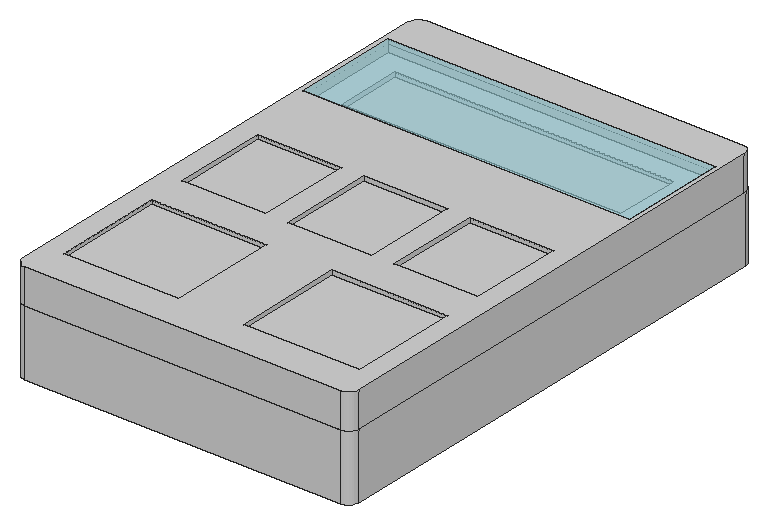
Revit family "Building-QuadriIEC309-GEWISS-68QDIN-QUADRI-PRESE-10MOD_5PRESE", category Apparecchi elettrici, host Superficie, Revit 2019
Family settings
  Host = Superficie
  Mantenere orientamento annotazione = Sì
  Quota connettore circolare = Usa diametro
  Tipo di parte = Normale
  Taglio con vuoti quando caricato = No
  Condiviso = No
  Punto di calcolo locali = Sì
Parameters (values of type "GW68027N - Q-DIN 10M 3PR.50x50 2 PR.16/32A IP65")
  visibilita posizionamento 2d [instance] = yes
  simbolo 2d [instance] = yes
  oggetto in pianta [instance] = not(visibilita posizionamento 2d)  # no
  distanza_simbolo [instance] = 0.1 mm
  bordo acceso [instance] = yes
  Visibilità sportello [instance] = yes
  Versione file RFA = "21.5"
  VETRO = Vetro
  URL = "https://www.gewiss.com/it/it"
  Tipologia di installazione = "Da parete"
  Tipo versione = "Vuoto"
  Termopressione con biglia = "70 °C"
  Spostamento_effettivo_S [instance] = 4000 mm - Spostamento_S  # 3000 mm
  Spostamento_S = 1000 mm
  Simbolo_quadro [instance] = not(simbolo 2d)  # no
  Scheda Tecnica = "https://www.gewiss.com/it/it/search?q=GW68027N"
  STRUTTURA ALTA = Poche
  STRUTTURA = RAL - 7035
  SEO = "Quadretto"
  Resistenza agli urti = "IK08"
  Default Elevation = 1219.2 mm
  Produttore = "GEWISS S.p.A."
  Potenza dissipabile B (W) = "42"
  Potenza dissipabile A (W) = "16"
  PRESA = rosso
  POMELLO = bianco
  N. prese alloggiabili = "3 prese civ.50x50 mm + 2 IEC 16/32 A"
  N. mod. EN 50022 = "10"
  N. coperchi ciechi in dotazione = "1 civile + 1 IEC 16 A"
  Modello = "GW68027N"
  Immagine tipo = GW68027N.jpg
  IDT = "e98e3194ef624e34ab5d6b273797aa67"
  IDF = "5d1739d9-32db-4e5e-8a88-e50a9aea5f35"
  Grado di protezione = "IP65"
  Glow Wire Test = "650°C"
  Descrizione = "Q-DIN 10M 3PR.50x50 2 PR.16/32A IP65"
  Creato da GEWISS S.p.A. = ""
  ConformitÃ  normativa = "EN 62208"
  Colore = "Grigio RAL 7035"
  Codice Electrocod = "2242"
  Classe isolamento = "II"
  Catalogo = "BUILDING"
  COBie.Tagnumber = ""
  COBie.CreatedOn = ""
  COBie.CreatebBy = ""
  COBie.ComponentRegisterItemID = ""
  COBie.Component.TagNumber = ""
  COBie.Component.Space = ""
  COBie.Component.SerialNumber = ""
  COBie.Component.InstallationDate = ""
  COBie.Component.Description = ""
  COBie.Component.BarCode = ""
Reference planes
  plane 1 "Centro (Fronte/Retro)": y = 0
  plane 2: z = 0
  plane 3 "Centro (Sinistra/Destra)": x = 0
  plane 4: x = -3000
  plane 5: x = 0
Forms (mm)
  Extrusion 1, solid, detail levels coarse
    sketch origin (0, 0, 0) x (1, 0, 0) y (0, 1, 0)
      loop
        line (-160, 0) -> (160, 0) -> (160, 478) -> (-160, 478) -> (-160, 0)
    from 0 to 96
Lines and regions (mm)
  Masking region 1, visible <- "visibilita posizionamento 2d"
    outline origin (0, 0, 0) x (1, 0, 0) y (0, 0, 1)
      loop
        line (-160, 0) -> (160, 0) -> (160, 96) -> (-160, 96) -> (-160, 0)
Dimensions and locks
  plane 4 to plane 3 "Centro (Sinistra/Destra)" = 3000 mm
  "Spostamento_effettivo_S": plane 4 to plane 5
  aligned and locked: plane 2 to host face
  aligned and locked: level to host face
  aligned and locked: nested 1 to plane 5
  aligned and locked: nested 3 to plane 5
  aligned and locked: nested 2 to plane 5
  aligned and locked: Extrusion 1 to nested 2
Automatic sketch dimensions
  host sketch curve to host sketch curve = 2438.4 mm  (x2)
  Masking region 1 sketch curve to level = 0 mm
  Masking region 1 sketch curve to plane 3 "Centro (Sinistra/Destra)" = 160 mm
  plane 3 "Centro (Sinistra/Destra)" to Masking region 1 sketch curve = 160 mm
  Masking region 1 sketch curve to Masking region 1 sketch curve = 96 mm
  plane 1 "Centro (Fronte/Retro)" to Extrusion 1 sketch curve = 0 mm
  Extrusion 1 sketch curve to plane 3 "Centro (Sinistra/Destra)" = 160 mm
  Extrusion 1 sketch curve to Extrusion 1 sketch curve = 320 mm
  Extrusion 1 sketch curve to plane 1 "Centro (Fronte/Retro)" = 478 mm
Nested families
  nested 1: "CENTRALINO" at (0, 737.795, 0), BORDO ACCESO <- "bordo acceso", SIMBOLO ACCESO <- "simbolo 2d", Distanza dal muro <- "distanza_simbolo", visible <- "simbolo 2d", type "CENTRALINO"
    with SIMBOLO ACCESO yes, Distanza dal muro 0.1 mm, BORDO ACCESO yes
  nested 2: "base_68QDIN10 QUADRO DISTRIBUZ X 5 PRESE IND" at (0, 316, 0), Visibilita sportello <- "Visibilità sportello", type "base_68QDIN10 QUADRO DISTRIBUZ X 5 PRESE IND", detail levels medium+fine
  nested 3: "simb_CENTRALINO_BASE_cad pro" at (0, 737.795, 0), Distanza dal muro <- "distanza_simbolo", visible <- "Simbolo_quadro", SIMBOLO ACCESO <- "Simbolo_quadro", type "simb_CENTRALINO_BASE_cad pro"
    with SIMBOLO ACCESO no, Distanza dal muro 0.1 mm, BORDO ACCESO yes
Definition of nested family "base_68QDIN10 QUADRO DISTRIBUZ X 5 PRESE IND"
  Parameters (values of type "base_68QDIN10 QUADRO DISTRIBUZ X 5 PRESE IND")
    n_moduli = 266 mm
    h_moduli = 64 mm
    Visibilita sportello [instance] = yes
    Vetro = none
    Struttura = none
    Spessore = 96 mm
    Default Elevation = 14 mm
    Presa = none
    Larghezza = 320 mm
    IFC.TypeObject = ""
    IFC.ExportType = ""
    IFC.ExportAs = ""
    H_da terra = 589.057 mm
    COBie.CreatedOn = ""
    COBie.CreatebBy = ""
    COBie.ComponentRegisterItemID = ""
    COBie.Component.TagNumber = ""
    COBie.Component.Space = ""
    COBie.Component.SerialNumber = ""
    COBie.Component.InstallationDate = ""
    COBie.Component.Description = ""
    COBie.Component.BarCode = ""
    Altezza scatole = 350 mm
    Altezza quadro = 150 mm
    Altezza = 258 mm
  Reference planes
    plane 1 "Centro (Fronte/Retro)": y = 0
    plane 2: z = 0
    plane 3 "Centro (Sinistra/Destra)": x = 0
    plane 4: z = 69.589
    plane 5: z = 115.626
    plane 6: z = 63
    plane 7: x = -160
    plane 8: x = 160
    plane 9: x = -156
    plane 10: x = 156
    plane 11: y = 123.21
    plane 12: y = 21.246
    plane 13: y = 0
    plane 14: y = -141
    plane 15: y = -51
    plane 16: y = -316
    plane 17: y = 162
    plane 18: z = 58
    plane 19: y = 103
    plane 20: y = 39
    plane 21: x = -133
    plane 22: x = 133
    plane 23: z = 92.059
    plane 24: z = 96
    plane 25 "posizionamento moduli": z = 84.734
    plane 26: z = 80.558
    plane 27: y = 71
    plane 28: x = -141
    plane 29: x = 158.1
    plane 30: x = -61
    plane 31: x = -40
    plane 32: x = 40
    plane 33: x = 61
    plane 34: x = 141
    plane 35: y = -177
  Forms (mm)
    Extrusion 1, solid, material <- "Struttura"
      sketch origin (0, -857.311, 0) x (1, 0, 0) y (0, 1, 0)
        loop
          arc (-150, 1019.311) -> (-157.071, 1016.382) -> (-160, 1009.311) r 10
          line (-160, 1009.311) -> (-160, 551.311)
          arc (-160, 551.311) -> (-157.071, 544.24) -> (-150, 541.311) r 10
          line (-150, 541.311) -> (150, 541.311)
          arc (150, 541.311) -> (157.071, 544.24) -> (160, 551.311) r 10
          line (160, 551.311) -> (160, 1009.311)
          arc (160, 1009.311) -> (157.071, 1016.382) -> (150, 1019.311) r 10
          line (150, 1019.311) -> (-150, 1019.311)
      from 63 to 96
    Extrusion 2, solid, material <- "Struttura"
      sketch origin (0, -857.311, 0) x (1, 0, 0) y (0, 1, 0)
        loop
          line (152.45, 1019.311) -> (-156.38, 1019.311)
          arc (-156.38, 1019.311) -> (-158.94, 1018.251) -> (-160, 1015.691) r 3.62
          line (-160, 1015.691) -> (-160, 551.311)
          arc (-160, 551.311) -> (-157.071, 544.24) -> (-150, 541.311) r 10
          line (-150, 541.311) -> (150, 541.311)
          arc (150, 541.311) -> (157.071, 544.24) -> (160, 551.311) r 10
          line (160, 551.311) -> (160, 1011.76)
          arc (160, 1011.76) -> (157.789, 1017.099) -> (152.45, 1019.311) r 7.55
      from 0 to 63
    Extrusion 3, void
      sketch origin (0, -857.311, 0) x (1, 0, 0) y (0, 1, 0)
        loop
          line (-156, 980.52) -> (-156, 878.557) -> (156, 878.557) -> (156, 980.52) -> (-156, 980.52)
      from 69.589 to 96
    Extrusion 4, solid, material <- "Vetro", visible <- "Visibilita sportello", detail levels fine
      sketch origin (0, -857.311, 0) x (1, 0, 0) y (0, 1, 0)
        loop
          line (-156, 980.52) -> (-156, 878.557) -> (156, 878.557) -> (156, 980.52) -> (-156, 980.52)
      from 92.059 to 96
    Extrusion 5, void
      sketch origin (0, 0, 0) x (1, 0, 0) y (0, 1, 0)
        loop
          line (-133, 39) -> (133, 39) -> (133, 103) -> (-133, 103) -> (-133, 39)
      from 80.558 to 84.734
    Extrusion 6, solid
      sketch origin (0, 0, 0) x (1, 0, 0) y (0, 1, 0)
        loop
          line (-156, 123.21) -> (-156, 21.246) -> (156, 21.246) -> (156, 123.21) -> (-156, 123.21)
      from 80.558 to 84.734
    Extrusion 7, void
      sketch origin (0, 0, 84.734) x (0, -1, 0) y (1, 0, 0)
        loop
          line (51, -141) -> (141, -141) -> (141, -61) -> (51, -61) -> (51, -141)
        loop
          line (141, -40) -> (141, 40) -> (51, 40) -> (51, -40) -> (141, -40)
        loop
          line (51, 61) -> (141, 61) -> (141, 141) -> (51, 141) -> (51, 61)
      from 7.325 to 11.266
    Extrusion 8, void
      sketch origin (0, -126, 84.734) x (0, -1, 0) y (1, 0, 0)
        loop
          line (51, -141) -> (156, -141) -> (156, -31) -> (51, -31) -> (51, -141)
        loop
          line (51, 141) -> (51, 31) -> (156, 31) -> (156, 141) -> (51, 141)
      from 7.325 to 11.266
  Cuts and joins
    Extrusion 3, Extrusion 7, Extrusion 8 cuts Extrusion 1
    Extrusion 5 cuts Extrusion 6
    Extrusion 5 cuts Extrusion 4
  Lines and regions (mm)
    model lines
      curve 1: line (-133, 71, 84.734) -> (133, 71, 84.734)
  Dimensions and locks
    plane 4 to plane 5 = 46.036 mm
    locked: plane 7 to plane 9 at 4
    locked: plane 10 to plane 8 at 4
    equal spacing: plane 7, plane 3 "Centro (Sinistra/Destra)", plane 8
    "Larghezza": plane 7 to plane 8
    plane 13 to plane 15 = 51 mm
    plane 1 "Centro (Fronte/Retro)" to plane 17 = 162 mm
    plane 16 to plane 13 = 316 mm
    plane 12 to plane 1 "Centro (Fronte/Retro)" = 21.246 mm
    plane 11 to plane 17 = 38.79 mm
    locked: plane 6 to plane 18 at 5
    locked: plane 17 to plane 19 at 59
    "h_moduli": plane 19 to plane 20
    equal spacing: plane 21, plane 3 "Centro (Sinistra/Destra)", plane 22
    "n_moduli": plane 21 to plane 22
    locked: plane 24 to plane 23 at 3.941
    plane 6 to plane 2 = 63 mm
    locked: plane 23 to plane 25 "posizionamento moduli" at 7.325
    locked: plane 25 "posizionamento moduli" to plane 26 at 4.176
    equal spacing: plane 19, plane 27, plane 20
    locked: plane 29 to plane 8 at 1.9
    plane 28 to plane 30 = 80 mm  (x2)
    plane 30 to plane 31 = 21 mm
    plane 33 to plane 34 = 80 mm
    equal spacing: plane 31, plane 3 "Centro (Sinistra/Destra)", plane 32
    plane 31 to plane 3 "Centro (Sinistra/Destra)" = 40 mm
    plane 32 to plane 33 = 21 mm
    plane 15 to plane 14 = 90 mm
    plane 35 to plane 14 = 36 mm
    radius of Extrusion 2 sketch curve = 10 mm  (x2)
    radius of Extrusion 2 sketch curve = 3.62 mm
    radius of Extrusion 2 sketch curve = 7.55 mm
    radius of Extrusion 1 sketch curve = 10 mm  (x4)
    aligned and locked: level to plane 2
    aligned and locked: cut or joined group of Extrusion 1, Extrusion 3, Extrusion 7, Extrusion 8 to plane 4
    aligned and locked: plane 7 to Extrusion 2 sketch curve
    aligned and locked: plane 8 to Extrusion 2 sketch curve
    aligned and locked: plane 8 to Extrusion 1 sketch curve
    aligned and locked: plane 7 to Extrusion 1 sketch curve
    aligned and locked: Extrusion 4 sketch curve to plane 9
    aligned and locked: Extrusion 4 sketch curve to plane 10
    aligned and locked: Extrusion 3 sketch curve to plane 9
    aligned and locked: Extrusion 3 sketch curve to plane 10
    aligned and locked: Extrusion 4 sketch curve to plane 11
    aligned and locked: Extrusion 4 sketch curve to plane 12
    aligned and locked: Extrusion 3 sketch curve to plane 11
    aligned and locked: Extrusion 3 sketch curve to plane 12
    aligned and locked: plane 16 to Extrusion 2 sketch curve
    aligned and locked: plane 1 "Centro (Fronte/Retro)" to plane 13
    aligned and locked: plane 17 to Extrusion 1 sketch curve
    aligned and locked: Extrusion 5 sketch curve to plane 21
    aligned and locked: Extrusion 5 sketch curve to plane 19
    aligned and locked: Extrusion 5 sketch curve to plane 20
    aligned and locked: Extrusion 5 sketch curve to plane 22
    aligned and locked: plane 25 "posizionamento moduli" to Extrusion 5
    aligned and locked: Extrusion 5 to plane 26
    aligned and locked: Extrusion 6 sketch curve to plane 11
    aligned and locked: Extrusion 6 sketch curve to plane 12
    aligned and locked: Extrusion 6 to plane 26
    aligned and locked: plane 25 "posizionamento moduli" to Extrusion 6
    aligned and locked: Extrusion 6 sketch curve to Extrusion 4  (x2)
    aligned and locked: curve 1 to plane 27
    aligned and locked: plane 16 to Extrusion 1 sketch curve
    aligned and locked: Extrusion 2 sketch curve to plane 17
    aligned and locked: Extrusion 7 sketch curve to plane 15
    aligned and locked: Extrusion 7 sketch curve to plane 28
    aligned and locked: Extrusion 7 sketch curve to plane 30
    aligned and locked: Extrusion 7 sketch curve to plane 31
    aligned and locked: Extrusion 7 sketch curve to plane 32
    aligned and locked: Extrusion 7 sketch curve to plane 33
    aligned and locked: Extrusion 7 sketch curve to plane 34
    aligned and locked: Extrusion 1 to Extrusion 7
    aligned and locked: Extrusion 7 to plane 23
    aligned and locked: Extrusion 7 sketch curve to plane 14  (x3)
  Automatic sketch dimensions
    curve 1 to plane 21 = 0 mm
    curve 1 to plane 22 = 0 mm
    plane 15 to Extrusion 7 sketch curve = 0 mm
    Extrusion 7 sketch curve to plane 15 = 0 mm
    Extrusion 8 sketch curve to plane 28 = 0 mm
    plane 35 to Extrusion 8 sketch curve = 0 mm  (x2)
    Extrusion 8 sketch curve to plane 34 = 0 mm
    Extrusion 8 sketch curve to plane 16 = 34 mm  (x2)
    Extrusion 8 sketch curve to plane 31 = 9 mm
    Extrusion 8 sketch curve to plane 32 = 9 mm
Definition of nested family "CENTRALINO"
  Parameters (values of type "CENTRALINO")
    SIMBOLO ACCESO [instance] = yes
    Distanza dal muro [instance] = 0 mm
    BORDO ACCESO [instance] = yes
  Reference planes
    plane 1: y = 0
    plane 2: x = 0
  Dimensions and locks
    "Distanza dal muro": plane 1 to nested 1
    aligned and locked: plane 2 to nested 1
  Nested families
    nested 1: "CENTRALINO_BASE" at (0, 0, 0), BORDO ACCESO <- "BORDO ACCESO", visible <- "SIMBOLO ACCESO", type "CENTRALINO"
      with BORDO ACCESO yes
  Definition of nested family "CENTRALINO_BASE"
    Parameters (values of type "CENTRALINO")
      Distanza dal muro = 0 mm
      BORDO ACCESO [instance] = yes
    Reference planes
      plane 1: y = 0
      plane 2: x = 0
    Lines and regions (mm)
      detail lines, visible <- "BORDO ACCESO", not visible
        curve 1: line (-2.443, 10.208, 0) -> (2.057, 10.208, 0)
        curve 2: line (2.057, 10.208, 0) -> (2.057, 4.208, 0)
        curve 3: line (2.057, 4.208, 0) -> (-2.443, 4.208, 0)
        curve 4: line (-2.443, 4.208, 0) -> (-2.443, 10.208, 0)
        curve 5: line (-2.043, 9.808, 0) -> (1.657, 9.808, 0)
        curve 6: line (1.657, 9.808, 0) -> (1.657, 4.608, 0)
        curve 7: line (1.657, 4.608, 0) -> (-2.043, 4.608, 0)
        curve 8: line (-2.043, 4.608, 0) -> (-2.043, 9.808, 0)
      detail lines
        curve 9: line (0, 0.671, 0) -> (0, 0, 0)
        curve 10: line (0.659, 0.671, 0) -> (0.659, 1.33, 0)
        curve 11: line (0.659, 1.33, 0) -> (-0.659, 1.33, 0)
        curve 12: line (-0.659, 1.33, 0) -> (-0.659, 0.671, 0)
        curve 13: line (-0.659, 0.671, 0) -> (0.659, 0.671, 0)
        curve 14: line (0.497, 1.33, 0) -> (0.497, 2, 0)
        curve 15: line (0.167, 1.33, 0) -> (0.167, 2, 0)
        curve 16: line (-0.162, 1.33, 0) -> (-0.162, 2, 0)
        curve 17: line (-0.491, 1.33, 0) -> (-0.491, 2, 0)
Definition of nested family "simb_CENTRALINO_BASE_cad pro"
  Parameters (values of type "simb_CENTRALINO_BASE_cad pro")
    SIMBOLO ACCESO [instance] = yes
    Distanza dal muro [instance] = 0 mm
    BORDO ACCESO [instance] = yes
  Reference planes
    plane 1: y = 0
    plane 2: x = 0
  Dimensions and locks
    "Distanza dal muro": plane 1 to nested 1
    aligned and locked: plane 2 to nested 1
  Nested families
    nested 1: "CENTRALINO_BASE_cad pro" at (0, 0, 0), type "CENTRALINO"
  Definition of nested family "CENTRALINO_BASE_cad pro"
    Parameters (values of type "CENTRALINO")
      Distanza dal muro = 0 mm
    Reference planes
      plane 1: y = 0
      plane 2: x = 0
    Lines and regions (mm)
      detail lines
        curve 1: line (1.33, 1.33, 0) -> (2.109, 1.33, 0)
        curve 2: line (2.109, 1.33, 0) -> (2.109, 0, 0)
        curve 3: line (2.109, 0, 0) -> (1.33, 0, 0)
        curve 4: line (1.33, 0, 0) -> (-1.33, 1.33, 0)
        curve 5: line (-1.33, 1.33, 0) -> (1.33, 1.33, 0)
        curve 6: line (1.33, 1.33, 0) -> (1.33, 0, 0)
        curve 7: line (1.33, 0, 0) -> (-1.33, 0, 0)
        curve 8: line (-1.33, 0, 0) -> (-1.33, 1.33, 0)
        curve 9: line (1.461, 0.665, 0) -> (1.977, 0.665, 0)
        curve 10: line (1.719, 0.665, 0) -> (1.719, 1.01, 0)
        curve 11: arc (1.977, 0.406, 0) -> (1.719, 0.665, 0) -> (1.461, 0.406, 0) r 0.258
